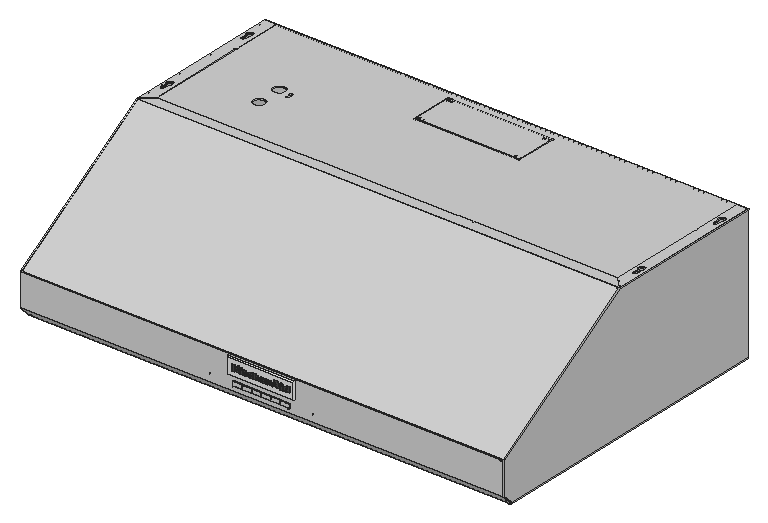
Revit family "P200880KC-062c_KVUC606KSS", category Specialty Equipment, Revit 2026 (continued)
Lines and regions (in)
  model lines
    curve 16: circle (-17.61364, -10.6235, 10) r 0.10345 normal (0, 0, -1)
    curve 17: circle (-17.6127, -3.74034, 10) r 0.03547 normal (0, 0, -1)
    curve 18: circle (-17.6127, -3.74034, 10) r 0.10345 normal (0, 0, -1)
    curve 19: circle (-17.6127, -4.53145, 10) r 0.03547 normal (0, 0, -1)
    curve 20: circle (-17.6127, -4.53145, 10) r 0.10345 normal (0, 0, -1)
    curve 21: circle (-8.89387, -11.60725, 10) r 0.03547 normal (0, 0, 1)
    curve 22: circle (-8.89192, -11.60725, 10) r 0.10345 normal (0, 0, 1)
    curve 23: circle (-16.77234, -11.60725, 10) r 0.03547 normal (0, 0, 1)
    curve 24: circle (-16.77039, -11.60725, 10) r 0.10345 normal (0, 0, 1)
    curve 25: circle (-6.41882, -11.53028, 10) r 0.03547 normal (0, 0, 1)
    curve 26: circle (-6.41687, -11.53028, 10) r 0.10345 normal (0, 0, 1)
    curve 27: circle (-5.23895, -11.53028, 10) r 0.03547 normal (0, 0, 1)
    curve 28: circle (-5.23699, -11.53028, 10) r 0.10345 normal (0, 0, 1)
    curve 29: circle (-11.88212, -4.1778, 9.96826) r 0.14549 normal (0, 0, -1)
    curve 30: circle (-11.88212, -4.1778, 9.96826) r 0.05821 normal (0, 0, -1)
    curve 31: circle (-11.88212, -4.1778, 9.96826) r 0.10691 normal (0, 0, -1)
    curve 32: circle (-10.43197, -5.50608, 9.96826) r 0.14549 normal (0, 0, -1)
    curve 33: circle (-10.43197, -5.50608, 9.96826) r 0.05821 normal (0, 0, -1)
    curve 34: circle (-10.43197, -5.50608, 9.96826) r 0.10691 normal (0, 0, -1)
    curve 35: circle (-10.43197, -8.66096, 9.96826) r 0.14549 normal (0, 0, -1)
    curve 36: circle (-10.43197, -8.66096, 9.96826) r 0.05821 normal (0, 0, -1)
    curve 37: circle (-10.43197, -8.66096, 9.96826) r 0.10691 normal (0, 0, -1)
    curve 38: circle (-11.88212, -9.97064, 9.96826) r 0.14549 normal (0, 0, -1)
    curve 39: circle (-11.88212, -9.97064, 9.96826) r 0.05821 normal (0, 0, -1)
    curve 40: circle (-11.88212, -9.97064, 9.96826) r 0.10691 normal (0, 0, -1)
    curve 41: circle (-11.91829, 0, 9.32296) r 0.05975 normal (0, -1, 0)
    curve 42: circle (-11.91829, 0, 9.32296) r 0.10854 normal (0, -1, 0)
    curve 43: circle (-11.91829, 0, 9.32296) r 0.14466 normal (0, -1, 0)
    curve 44: circle (-13.2389, 0, 7.86452) r 0.05975 normal (0, -1, 0)
    curve 45: circle (-13.2389, 0, 7.86452) r 0.10854 normal (0, -1, 0)
    curve 46: circle (-13.2389, 0, 7.86452) r 0.14466 normal (0, -1, 0)
    curve 47: circle (-11.91829, 0, 6.4104) r 0.05975 normal (0, -1, 0)
    curve 48: circle (-11.91829, 0, 6.4104) r 0.10854 normal (0, -1, 0)
    curve 49: circle (-11.91829, 0, 6.4104) r 0.14466 normal (0, -1, 0)
    curve 50: circle (-8.54942, 0, 9.32296) r 0.05975 normal (0, 1, 0)
    curve 51: circle (-8.54942, 0, 9.32296) r 0.10854 normal (0, 1, 0)
    curve 52: circle (-8.54942, 0, 9.32296) r 0.14466 normal (0, 1, 0)
    curve 53: circle (-7.2288, 0, 7.86452) r 0.05975 normal (0, 1, 0)
    curve 54: circle (-7.2288, 0, 7.86452) r 0.10854 normal (0, 1, 0)
    curve 55: circle (-7.2288, 0, 7.86452) r 0.14466 normal (0, 1, 0)
    curve 56: circle (-8.54942, 0, 6.4104) r 0.05975 normal (0, 1, 0)
    curve 57: circle (-8.54942, 0, 6.4104) r 0.10854 normal (0, 1, 0)
    curve 58: circle (-8.54942, 0, 6.4104) r 0.14466 normal (0, 1, 0)
    curve 59: line (10.48687, -14.15354, 0.00049) -> (12.73591, -14.15354, 0.00049)
    curve 94: circle (-13.93921, -5.50608, 9.96826) r 0.14549 normal (0, 0, 1)
    curve 95: circle (-13.93921, -5.50608, 9.96826) r 0.05821 normal (0, 0, 1)
    curve 96: circle (-13.93921, -5.50608, 9.96826) r 0.10691 normal (0, 0, 1)
    curve 97: circle (-13.93921, -8.66096, 9.96826) r 0.14549 normal (0, 0, 1)
    curve 98: circle (-13.93921, -8.66096, 9.96826) r 0.05821 normal (0, 0, 1)
    curve 99: circle (-13.93921, -8.66096, 9.96826) r 0.10691 normal (0, 0, 1)
    curve 100: circle (8.89387, -11.60725, 10) r 0.03547 normal (0, 0, -1)
    curve 101: circle (8.89192, -11.60725, 10) r 0.10345 normal (0, 0, -1)
    curve 102: circle (16.77234, -11.60725, 10) r 0.03547 normal (0, 0, -1)
    curve 103: circle (16.77039, -11.60725, 10) r 0.10345 normal (0, 0, -1)
    curve 104: circle (6.41882, -11.53028, 10) r 0.03547 normal (0, 0, -1)
    curve 105: circle (6.41687, -11.53028, 10) r 0.10345 normal (0, 0, -1)
    curve 106: circle (5.23895, -11.53028, 10) r 0.03547 normal (0, 0, -1)
    curve 107: circle (5.23699, -11.53028, 10) r 0.10345 normal (0, 0, -1)
  symbolic lines, style "SpecialityEquipment"
    curve 60: line (-18, 0, 29.6507) -> (18, 0, 29.6507)
    curve 61: line (-18, -12, 29.6507) -> (-18, 0, 29.6507)
    curve 62: line (18, -12, 29.6507) -> (-18, -12, 29.6507)
    curve 63: line (18, 0, 29.6507) -> (18, -12, 29.6507)
    curve 64: line (18, -12, 29.6507) -> (18, -22.875, 29.6507)
    curve 65: line (18, -22.875, 29.6507) -> (-18, -22.875, 29.6507)
    curve 66: line (-18, -22.875, 29.6507) -> (-18, -12, 29.6507)
    curve 67: line (2.5, -22.875, 29.6507) -> (2.44141, -23, 29.6507)
    curve 68: line (2.44141, -23, 29.6507) -> (-2.44141, -23, 29.6507)
    curve 69: line (-2.44141, -23, 29.6507) -> (-2.5, -22.875, 29.6507)
  model lines, style "Display Button"
    curve 70: line (-2.07089, -22.91031, 1.40877) -> (-1.47519, -22.91031, 1.40877)
    curve 71: line (-2.07089, -22.91031, 1.36722) -> (-2.07089, -22.91031, 1.40877)
    curve 72: line (-1.47519, -22.91031, 1.36722) -> (-2.07089, -22.91031, 1.36722)
    curve 73: line (-1.47519, -22.91031, 1.40877) -> (-1.47519, -22.91031, 1.36722)
    curve 74: line (-1.36192, -22.91031, 1.40877) -> (-0.76623, -22.91031, 1.40877)
    curve 75: line (-1.36192, -22.91031, 1.36722) -> (-1.36192, -22.91031, 1.40877)
    curve 76: line (-0.76623, -22.91031, 1.36722) -> (-1.36192, -22.91031, 1.36722)
    curve 77: line (-0.76623, -22.91031, 1.40877) -> (-0.76623, -22.91031, 1.36722)
    curve 78: line (-0.65326, -22.91031, 1.40877) -> (-0.05757, -22.91031, 1.40877)
    curve 79: line (-0.65326, -22.91031, 1.36722) -> (-0.65326, -22.91031, 1.40877)
    curve 80: line (-0.05757, -22.91031, 1.36722) -> (-0.65326, -22.91031, 1.36722)
    curve 81: line (-0.05757, -22.91031, 1.40877) -> (-0.05757, -22.91031, 1.36722)
    curve 82: line (0.0554, -22.91031, 1.40877) -> (0.65109, -22.91031, 1.40877)
    curve 83: line (0.0554, -22.91031, 1.36722) -> (0.0554, -22.91031, 1.40877)
    curve 84: line (0.65109, -22.91031, 1.36722) -> (0.0554, -22.91031, 1.36722)
    curve 85: line (0.65109, -22.91031, 1.40877) -> (0.65109, -22.91031, 1.36722)
    curve 86: line (0.76406, -22.91031, 1.40877) -> (1.35975, -22.91031, 1.40877)
    curve 87: line (0.76406, -22.91031, 1.36722) -> (0.76406, -22.91031, 1.40877)
    curve 88: line (1.35975, -22.91031, 1.36722) -> (0.76406, -22.91031, 1.36722)
    curve 89: line (1.35975, -22.91031, 1.40877) -> (1.35975, -22.91031, 1.36722)
    curve 90: line (1.47543, -22.91031, 1.40877) -> (2.07113, -22.91031, 1.40877)
    curve 91: line (1.47543, -22.91031, 1.36722) -> (1.47543, -22.91031, 1.40877)
    curve 92: line (2.07113, -22.91031, 1.36722) -> (1.47543, -22.91031, 1.36722)
    curve 93: line (2.07113, -22.91031, 1.40877) -> (2.07113, -22.91031, 1.36722)
Dimensions and locks (in)
  "Height": plane 5 to level
  "Depth": plane 4 to plane 1 "Center (Front/Back)"
  equal spacing: plane 6, plane 3 "Center (Left/Right)", plane 7
  "Width": plane 6 to plane 7
  aligned and locked: plane 2 to level
Automatic sketch dimensions
  curve 65 to plane 7 = 0"
  curve 66 to plane 6 = 0"
  plane 1 "Center (Front/Back)" to curve 60 = 0"
  curve 67 to plane 4 = 0"
  plane 3 "Center (Left/Right)" to curve 67 = 2 113/256"
  curve 69 to plane 3 "Center (Left/Right)" = 2 113/256"
  curve 62 to plane 4 = 11"
  curve 65 to plane 4 = 1/8"
  curve 67 to curve 67 = 15/256"
  curve 68 to curve 69 = 15/256"
  Extrusion 1 sketch curve to plane 5 = 0"
  Extrusion 1 sketch curve to plane 4 = 3/16"
  Extrusion 1 sketch curve to plane 5 = 0.01767"
  Extrusion 1 sketch curve to plane 4 = 10.94227"
  Extrusion 1 sketch curve to Extrusion 1 sketch curve = 0.05773"
  Extrusion 1 sketch curve to Extrusion 1 sketch curve = 0.00473"
  Extrusion 1 sketch curve to Extrusion 1 sketch curve = 0.05548"
  level to Extrusion 1 sketch curve = 3.25025"
  Extrusion 1 sketch curve to Extrusion 1 sketch curve = 0.0735"
  level to Extrusion 2 sketch curve = 0.06299"
  Extrusion 2 sketch curve to plane 5 = 3.83071"
  Extrusion 2 sketch curve to Extrusion 2 sketch curve = 0"  (x8)
  Extrusion 2 sketch curve to Extrusion 2 sketch curve = 0.07874"  (x9)
  Extrusion 2 sketch curve to Extrusion 2 sketch curve = 0.11811"  (x4)
  Extrusion 2 sketch curve to plane 5 = 2.34448"
  Extrusion 2 sketch curve to Extrusion 2 sketch curve = 0.69488"
  Extrusion 2 sketch curve to plane 5 = 1.2126"  (x4)
  Extrusion 2 sketch curve to Extrusion 2 sketch curve = 0.19857"  (x8)
  Extrusion 2 sketch curve to plane 5 = 0.91732"  (x2)
  Extrusion 2 sketch curve to Extrusion 2 sketch curve = 0.39199"  (x4)
  Extrusion 2 sketch curve to plane 5 = 0.06299"
  Extrusion 2 sketch curve to plane 7 = 1/16"
  Extrusion 2 sketch curve to plane 7 = 1.08465"
  Extrusion 2 sketch curve to Extrusion 2 sketch curve = 0.12795"  (x4)
  plane 3 "Center (Left/Right)" to Extrusion 2 sketch curve = 7.10954"
  Extrusion 2 sketch curve to Extrusion 2 sketch curve = 2.89694"  (x2)
  Extrusion 2 sketch curve to Extrusion 2 sketch curve = 0.03937"  (x4)
  Extrusion 2 sketch curve to Extrusion 2 sketch curve = 0.3937"  (x4)
  Extrusion 2 sketch curve to plane 3 "Center (Left/Right)" = 3.44488"
  Extrusion 2 sketch curve to Extrusion 2 sketch curve = 1.96565"
  Extrusion 2 sketch curve to Extrusion 2 sketch curve = 0.33088"
  Extrusion 2 sketch curve to Extrusion 2 sketch curve = 0.27559"
  Extrusion 2 sketch curve to Extrusion 2 sketch curve = 1.29435"
  plane 6 to Extrusion 2 sketch curve = 1.26181"
  plane 6 to Extrusion 2 sketch curve = 1/16"
  Extrusion 3 sketch curve to plane 4 = 1/8"
  Extrusion 3 sketch curve to Extrusion 3 sketch curve = 0.02406"
  Extrusion 3 sketch curve to Extrusion 3 sketch curve = 13/256"
  Extrusion 3 sketch curve to Extrusion 3 sketch curve = 0.03844"
  level to Extrusion 3 sketch curve = 0.00541"
  Extrusion 3 sketch curve to plane 4 = 0.88762"
  Extrusion 3 sketch curve to Extrusion 3 sketch curve = 0.01276"
  Extrusion 3 sketch curve to Extrusion 3 sketch curve = 0.01804"
  Extrusion 3 sketch curve to Extrusion 3 sketch curve = 0.04483"
  level to Extrusion 3 sketch curve = 0.76803"
  Extrusion 3 sketch curve to Extrusion 3 sketch curve = 0.02589"
  Extrusion 3 sketch curve to Extrusion 3 sketch curve = 2.38937"
  Extrusion 3 sketch curve to Extrusion 3 sketch curve = 0.02378"
  Extrusion 4 sketch curve to plane 4 = 1.83777"
  Extrusion 4 sketch curve to plane 4 = 5.58664"  (x2)
  Extrusion 4 sketch curve to plane 7 = 1 3/8"
  Extrusion 4 sketch curve to Extrusion 4 sketch curve = 7.00868"
  plane 3 "Center (Left/Right)" to Extrusion 4 sketch curve = 8.61417"
  Extrusion 4 sketch curve to plane 3 "Center (Left/Right)" = 8.61417"
  plane 6 to Extrusion 4 sketch curve = 1 5/16"
  Extrusion 5 sketch curve to plane 3 "Center (Left/Right)" = 0"
  Extrusion 5 sketch curve to plane 4 = 8.84646"
  Extrusion 5 sketch curve to plane 3 "Center (Left/Right)" = 23/32"
  Extrusion 5 sketch curve to Extrusion 5 sketch curve = 23/32"  (x2)
  plane 6 to Extrusion 5 sketch curve = 2 1/32"
  Extrusion 6 sketch curve to plane 3 "Center (Left/Right)" = 0"
  plane 3 "Center (Left/Right)" to Extrusion 6 sketch curve = 23/32"
  plane 1 "Center (Front/Back)" to Extrusion 6 sketch curve = 1 15/32"
  Extrusion 6 sketch curve to Extrusion 6 sketch curve = 23/32"  (x2)
  Extrusion 6 sketch curve to plane 4 = 9.56521"
  Extrusion 7 sketch curve to plane 3 "Center (Left/Right)" = 0"
  Extrusion 7 sketch curve to plane 3 "Center (Left/Right)" = 23/32"
  plane 1 "Center (Front/Back)" to Extrusion 7 sketch curve = 1 15/32"
  Extrusion 7 sketch curve to Extrusion 7 sketch curve = 23/32"  (x2)
  Extrusion 7 sketch curve to plane 4 = 9.56521"
  Extrusion 8 sketch curve to plane 3 "Center (Left/Right)" = 0"
  plane 3 "Center (Left/Right)" to Extrusion 8 sketch curve = 23/32"
  Extrusion 8 sketch curve to plane 4 = 9.56521"
  Extrusion 8 sketch curve to Extrusion 8 sketch curve = 23/32"  (x2)
  Extrusion 8 sketch curve to plane 7 = 2 3/32"
  Extrusion 9 sketch curve to plane 3 "Center (Left/Right)" = 0"
  plane 1 "Center (Front/Back)" to Extrusion 9 sketch curve = 1 15/32"
  plane 3 "Center (Left/Right)" to Extrusion 9 sketch curve = 23/32"
  Extrusion 9 sketch curve to Extrusion 9 sketch curve = 23/32"  (x2)
  Extrusion 9 sketch curve to plane 7 = 2 3/32"
  Extrusion 10 sketch curve to plane 3 "Center (Left/Right)" = 0"
  Extrusion 10 sketch curve to plane 3 "Center (Left/Right)" = 23/32"
  plane 1 "Center (Front/Back)" to Extrusion 10 sketch curve = 2 3/16"
  Extrusion 10 sketch curve to Extrusion 10 sketch curve = 23/32"  (x2)
  plane 6 to Extrusion 10 sketch curve = 2 1/32"
  plane 1 "Center (Front/Back)" to Extrusion 11 sketch curve = 0"
  Extrusion 11 sketch curve to Extrusion 11 sketch curve = 1 15/32"
  Extrusion 11 sketch curve to plane 7 = 1 3/8"
  plane 6 to Extrusion 11 sketch curve = 1 5/16"
  plane 1 "Center (Front/Back)" to Extrusion 12 sketch curve = 0"
  Extrusion 12 sketch curve to plane 6 = 0"
  Extrusion 12 sketch curve to plane 7 = 0"
  plane 1 "Center (Front/Back)" to Extrusion 12 sketch curve = 0.61024"  (x2)
  Extrusion 12 sketch curve to Extrusion 12 sketch curve = 0"  (x12)
  Extrusion 12 sketch curve to Extrusion 12 sketch curve = 0.07874"  (x12)
  Extrusion 12 sketch curve to Extrusion 12 sketch curve = 0.11811"  (x4)
  plane 6 to Extrusion 12 sketch curve = 0.3873"  (x2)
  plane 1 "Center (Front/Back)" to Extrusion 12 sketch curve = 1.9685"  (x2)
  Extrusion 12 sketch curve to plane 7 = 0.3873"  (x2)
  Extrusion 12 sketch curve to Extrusion 12 sketch curve = 0.17048"  (x4)
  Extrusion 12 sketch curve to Extrusion 12 sketch curve = 0.42008"  (x4)
  Extrusion 12 sketch curve to Extrusion 12 sketch curve = 2.59843"  (x2)
  plane 1 "Center (Front/Back)" to Extrusion 12 sketch curve = 5.98745"
  Extrusion 12 sketch curve to Extrusion 12 sketch curve = 0.06767"
  Extrusion 12 sketch curve to Extrusion 12 sketch curve = 0.27559"
  Extrusion 12 sketch curve to Extrusion 12 sketch curve = 1.5415"
  Extrusion 12 sketch curve to Extrusion 12 sketch curve = 1.57661"
  Extrusion 12 sketch curve to Extrusion 12 sketch curve = 6.88976"
  Extrusion 12 sketch curve to Extrusion 12 sketch curve = 1.96062"
  Extrusion 12 sketch curve to Extrusion 12 sketch curve = 0.09843"  (x4)
  plane 6 to Extrusion 12 sketch curve = 5.81441"
  Extrusion 12 sketch curve to Extrusion 12 sketch curve = 0.78378"
  Extrusion 12 sketch curve to plane 3 "Center (Left/Right)" = 3.95669"
  Extrusion 12 sketch curve to Extrusion 12 sketch curve = 0.3937"  (x4)
  plane 3 "Center (Left/Right)" to Extrusion 12 sketch curve = 3.40551"
  plane 1 "Center (Front/Back)" to Extrusion 13 sketch curve = 0"
  Extrusion 13 sketch curve to plane 7 = 0"
  Extrusion 13 sketch curve to Extrusion 13 sketch curve = 1 3/8"
  Extrusion 13 sketch curve to plane 4 = 1.83777"
  Extrusion 13 sketch curve to plane 4 = 1.25412"
  Extrusion 14 sketch curve to plane 7 = 1 3/8"
  Extrusion 14 sketch curve to Extrusion 14 sketch curve = 23/32"  (x3)
  plane 1 "Center (Front/Back)" to Extrusion 14 sketch curve = 1 15/32"
  Extrusion 14 sketch curve to plane 4 = 9.56521"
  Extrusion 15 sketch curve to plane 7 = 0"
  Extrusion 15 sketch curve to plane 7 = 0.24951"  (x2)
  Extrusion 15 sketch curve to Extrusion 15 sketch curve = 0.1378"  (x4)
  Extrusion 15 sketch curve to plane 7 = 0.69439"
  plane 1 "Center (Front/Back)" to Extrusion 15 sketch curve = 0.09601"
  Extrusion 15 sketch curve to plane 7 = 0.76679"
  Extrusion 15 sketch curve to Extrusion 15 sketch curve = 0.11811"  (x3)
  Extrusion 15 sketch curve to Extrusion 15 sketch curve = 1.86029"
  Extrusion 15 sketch curve to Extrusion 15 sketch curve = 0.19187"  (x2)
  Extrusion 15 sketch curve to Extrusion 15 sketch curve = 0.39869"  (x2)
  Extrusion 15 sketch curve to Extrusion 15 sketch curve = 1.17775"
  Extrusion 15 sketch curve to Extrusion 15 sketch curve = 5.4758"
  Extrusion 15 sketch curve to Extrusion 15 sketch curve = 1.16033"
  Extrusion 15 sketch curve to Extrusion 15 sketch curve = 13/16"
  Extrusion 16 sketch curve to plane 1 "Center (Front/Back)" = 0"
  Extrusion 16 sketch curve to plane 5 = 0.06299"
  Extrusion 16 sketch curve to plane 4 = 11.0002"
  level to Extrusion 16 sketch curve = 0.06299"
  Extrusion 16 sketch curve to plane 4 = 0.91843"
  Extrusion 16 sketch curve to plane 4 = 3/16"
  level to Extrusion 16 sketch curve = 0.79392"
  Extrusion 16 sketch curve to Extrusion 16 sketch curve = 2.38284"
  Extrusion 17 sketch curve to Extrusion 16 = 0"
  Extrusion 16 to Extrusion 17 sketch curve = 0"
  Extrusion 16 to Extrusion 17 sketch curve = 1 1/4"
  Extrusion 16 to Extrusion 17 sketch curve = 0.91935"
  Extrusion 16 to Extrusion 17 sketch curve = 0.36222"
  plane 6 to Extrusion 18 sketch curve = 2 1/32"
  Extrusion 18 sketch curve to Extrusion 18 sketch curve = 23/32"  (x3)
  plane 1 "Center (Front/Back)" to Extrusion 18 sketch curve = 1 15/32"
  Extrusion 18 sketch curve to plane 4 = 9.56521"
  Extrusion 19 sketch curve to plane 7 = 0"
  Extrusion 19 sketch curve to plane 6 = 0"
  Extrusion 19 sketch curve to plane 7 = 13/16"
  plane 3 "Center (Left/Right)" to Extrusion 19 sketch curve = 6.58064"
  Extrusion 19 sketch curve to Extrusion 19 sketch curve = 0.11811"  (x8)
  Extrusion 19 sketch curve to Extrusion 19 sketch curve = 0.94488"  (x2)
  Extrusion 19 sketch curve to plane 3 "Center (Left/Right)" = 5.0729"
  plane 6 to Extrusion 19 sketch curve = 13/16"
  plane 1 "Center (Front/Back)" to Extrusion 19 sketch curve = 11 3/16"  (x2)
  Extrusion 19 sketch curve to Extrusion 19 sketch curve = 0"  (x3)
  Extrusion 19 sketch curve to Extrusion 19 sketch curve = 13/16"
  Extrusion 20 sketch curve to plane 1 "Center (Front/Back)" = 0"
  Extrusion 20 sketch curve to plane 5 = 0.06299"
  Extrusion 20 sketch curve to plane 4 = 11.0002"
  level to Extrusion 20 sketch curve = 0.06299"
  Extrusion 20 sketch curve to plane 4 = 0.91843"
  Extrusion 20 sketch curve to plane 4 = 3/16"
  level to Extrusion 20 sketch curve = 0.79392"
  Extrusion 20 sketch curve to Extrusion 20 sketch curve = 2.38284"
  curve 1 to curve 2 = 0"  (x2)
  curve 3 to curve 4 = 0"  (x2)
  curve 5 to curve 6 = 0"  (x2)
  curve 7 to curve 8 = 0"  (x2)
  curve 9 to curve 10 = 0"  (x2)
  Extrusion 15 to curve 5 = 0.13685"
  Extrusion 15 to curve 9 = 0.1378"
  Extrusion 15 to curve 2 = 0.1378"
  Extrusion 15 to curve 7 = 0.1378"
  Extrusion 15 to curve 3 = 0.13748"
  Extrusion 15 to curve 102 = 0.41516"
  curve 102 to curve 103 = 0.00195"
  curve 103 to curve 100 = 7.87652"
  curve 100 to curve 101 = 0.00195"
  curve 101 to curve 104 = 2.47309"
  curve 104 to curve 105 = 0.00195"
  curve 105 to curve 106 = 1.17792"
  curve 106 to curve 107 = 0.00195"
  curve 107 to curve 28 = 10.47398"
  curve 28 to curve 27 = 0.00195"
  curve 27 to curve 26 = 1.17792"
  curve 26 to curve 25 = 0.00195"
  curve 25 to curve 22 = 2.47309"
  curve 22 to curve 21 = 0.00195"
  curve 21 to curve 24 = 7.87652"
  curve 24 to curve 23 = 0.00195"
  curve 2 to Extrusion 15 = 0.336"
  curve 2 to curve 8 = 3.35404"
  curve 7 to curve 9 = 0.79111"
  curve 10 to curve 4 = 2.1538"
  curve 4 to curve 6 = 3.93826"
  curve 106 to Extrusion 15 = 11.47998"
  curve 106 to curve 105 = 0"
  curve 105 to curve 104 = 0"
  curve 107 to curve 106 = 0"
  curve 25 to Extrusion 15 = 11.47998"
  curve 25 to curve 26 = 0"
  curve 26 to curve 27 = 0"
  curve 27 to curve 28 = 0"
  curve 104 to curve 101 = 0.07698"
  curve 6 to curve 102 = 0.98375"
  curve 103 to curve 102 = 0"
  curve 25 to curve 23 = 0.07698"
  curve 25 to curve 22 = 0.07698"
  curve 21 to curve 22 = 0"
  curve 23 to curve 24 = 0"
  curve 101 to curve 100 = 0"
  Extrusion 21 sketch curve to plane 6 = 0"
  plane 6 to Extrusion 21 sketch curve = 0.24951"  (x2)
  Extrusion 21 sketch curve to Extrusion 21 sketch curve = 0.1378"  (x4)
  plane 6 to Extrusion 21 sketch curve = 0.69439"
  plane 1 "Center (Front/Back)" to Extrusion 21 sketch curve = 0.09601"
  plane 6 to Extrusion 21 sketch curve = 0.76679"
  Extrusion 21 sketch curve to Extrusion 21 sketch curve = 0.11811"  (x3)
  Extrusion 21 sketch curve to Extrusion 21 sketch curve = 1.86029"
  Extrusion 21 sketch curve to Extrusion 21 sketch curve = 0.19187"  (x2)
  Extrusion 21 sketch curve to Extrusion 21 sketch curve = 0.39869"  (x2)
  Extrusion 21 sketch curve to Extrusion 21 sketch curve = 1.17775"
  Extrusion 21 sketch curve to Extrusion 21 sketch curve = 5.4758"
  Extrusion 21 sketch curve to Extrusion 21 sketch curve = 1.16033"
  Extrusion 21 sketch curve to Extrusion 21 sketch curve = 13/16"
  curve 11 to curve 12 = 0"  (x2)
  curve 13 to curve 14 = 0"  (x2)
  curve 15 to curve 16 = 0"  (x2)
  curve 17 to curve 18 = 0"  (x2)
  curve 19 to curve 20 = 0"  (x2)
  Extrusion 21 to curve 15 = 0.13685"
  Extrusion 21 to curve 18 = 0.1378"
  Extrusion 21 to curve 19 = 0.1378"
  Extrusion 21 to curve 12 = 0.1378"
  Extrusion 21 to curve 13 = 0.13748"
  curve 15 to Extrusion 21 = 10.5732"
  curve 16 to curve 14 = 3.93826"
  curve 14 to curve 19 = 2.1538"
  curve 19 to curve 18 = 0.79111"
  curve 11 to Extrusion 21 = 0.336"
  curve 29 to curve 30 = 0"  (x2)
  curve 29 to curve 31 = 0"  (x2)
  curve 30 to curve 31 = 0"  (x2)
  curve 32 to curve 33 = 0"  (x2)
  curve 32 to curve 34 = 0"  (x2)
  curve 33 to curve 34 = 0"  (x2)
  curve 35 to curve 36 = 0"  (x2)
  curve 35 to curve 37 = 0"  (x2)
  curve 36 to curve 37 = 0"  (x2)
  curve 38 to curve 39 = 0"  (x2)
  curve 38 to curve 40 = 0"  (x2)
  curve 39 to curve 40 = 0"  (x2)
  curve 94 to curve 95 = 0"  (x2)
  curve 94 to curve 96 = 0"  (x2)
  curve 95 to curve 96 = 0"  (x2)
  curve 97 to curve 98 = 0"  (x2)
  curve 97 to curve 99 = 0"  (x2)
  curve 98 to curve 99 = 0"  (x2)
  curve 30 to Extrusion 12 = 107/256"
  curve 32 to Extrusion 12 = 0.73362"
  curve 32 to Extrusion 12 = 1.74623"
  curve 95 to Extrusion 12 = 1.74623"
  curve 94 to curve 98 = 3.15488"
  curve 37 to Extrusion 12 = 0.73362"
  curve 32 to curve 37 = 3.15488"
  curve 39 to Extrusion 12 = 0.48031"
  curve 35 to curve 39 = 1.30968"
  curve 30 to Extrusion 12 = 0.48031"
  curve 99 to curve 38 = 2.05709"
  curve 96 to curve 29 = 2.05709"
  curve 41 to curve 42 = 0"  (x2)
  curve 41 to curve 43 = 0"  (x2)
  curve 42 to curve 43 = 0"  (x2)
  curve 44 to curve 45 = 0"  (x2)
  curve 44 to curve 46 = 0"  (x2)
  curve 45 to curve 46 = 0"  (x2)
  curve 47 to curve 48 = 0"  (x2)
  curve 47 to curve 49 = 0"  (x2)
  curve 48 to curve 49 = 0"  (x2)
  curve 50 to curve 51 = 0"  (x2)
  curve 50 to curve 52 = 0"  (x2)
  curve 51 to curve 52 = 0"  (x2)
  curve 53 to curve 54 = 0"  (x2)
  curve 53 to curve 55 = 0"  (x2)
  curve 54 to curve 55 = 0"  (x2)
  curve 56 to curve 57 = 0"  (x2)
  curve 56 to curve 58 = 0"  (x2)
  curve 57 to curve 58 = 0"  (x2)
  curve 58 to Extrusion 2 = 0.03448"
  curve 49 to Extrusion 2 = 0.03448"
  Extrusion 2 to curve 45 = 0.48588"
  Extrusion 2 to curve 55 = 0.11927"
  Extrusion 2 to curve 55 = 0.48588"
  curve 50 to Extrusion 2 = 0.03531"
  curve 43 to Extrusion 2 = 0.03531"
  Extrusion 2 to curve 56 = 1.43988"
  Extrusion 2 to curve 50 = 1.43988"
  curve 56 to curve 49 = 3.36887"
  curve 42 to curve 47 = 0"
  curve 47 to curve 46 = 1.32061"
  Extrusion 22 sketch curve to plane 3 "Center (Left/Right)" = 1.08661"
  Extrusion 22 sketch curve to Extrusion 22 sketch curve = 0.0362"  (x8)
  Extrusion 22 sketch curve to Extrusion 22 sketch curve = 0.00948"  (x8)
  level to Extrusion 22 sketch curve = 0.82896"  (x7)
  Extrusion 22 sketch curve to Extrusion 22 sketch curve = 0.02565"  (x9)
  Extrusion 22 sketch curve to Extrusion 22 sketch curve = 0.18806"  (x8)
  Extrusion 22 sketch curve to Extrusion 22 sketch curve = 0.02017"  (x16)
  level to Extrusion 22 sketch curve = 0.36184"  (x4)
  Extrusion 22 sketch curve to Extrusion 22 sketch curve = 0.98751"  (x8)
  level to Extrusion 22 sketch curve = 0.37775"  (x12)
  Extrusion 22 sketch curve to Extrusion 22 sketch curve = 0.0046"  (x13)
  level to Extrusion 22 sketch curve = 0.34633"  (x12)
  Extrusion 22 sketch curve to Extrusion 22 sketch curve = 0.02487"  (x13)
  Extrusion 22 sketch curve to Extrusion 22 sketch curve = 0.1731"  (x8)
  level to Extrusion 22 sketch curve = 0.84723"  (x11)
  level to Extrusion 22 sketch curve = 0.77963"  (x11)
  level to Extrusion 22 sketch curve = 0.7831"  (x11)
  Extrusion 22 sketch curve to Extrusion 22 sketch curve = 0.37402"  (x7)
  level to Extrusion 22 sketch curve = 0.38906"  (x2)
  level to Extrusion 22 sketch curve = 0.78045"  (x2)
  level to Extrusion 22 sketch curve = 0.77699"  (x2)
  level to Extrusion 22 sketch curve = 0.84459"  (x2)
  level to Extrusion 22 sketch curve = 0.38642"
  level to Extrusion 22 sketch curve = 0.37511"  (x2)
  level to Extrusion 22 sketch curve = 0.34369"  (x2)
  level to Extrusion 22 sketch curve = 0.82631"
  level to Extrusion 22 sketch curve = 0.78531"  (x2)
  level to Extrusion 22 sketch curve = 0.78185"  (x2)
  level to Extrusion 22 sketch curve = 0.84944"  (x2)
  level to Extrusion 22 sketch curve = 0.36405"
  level to Extrusion 22 sketch curve = 0.37997"  (x2)
  level to Extrusion 22 sketch curve = 0.34854"  (x2)
  level to Extrusion 22 sketch curve = 0.83117"
  Extrusion 22 sketch curve to Extrusion 22 sketch curve = 0.01599"  (x8)
  Extrusion 22 sketch curve to Extrusion 22 sketch curve = 0.00415"  (x8)
  Extrusion 22 sketch curve to Extrusion 22 sketch curve = 0.02722"  (x8)
  Extrusion 22 sketch curve to Extrusion 22 sketch curve = 0.04932"
  Extrusion 22 sketch curve to Extrusion 22 sketch curve = 0"  (x22)
  Extrusion 4 to Extrusion 23 sketch curve = 0"  (x2)
  Extrusion 23 sketch curve to Extrusion 4 = 0.2126"
  Extrusion 23 sketch curve to Extrusion 23 sketch curve = 0.77165"
  Extrusion 24 sketch curve to plane 3 "Center (Left/Right)" = 0.16214"
  Extrusion 24 sketch curve to Extrusion 24 sketch curve = 0.0362"  (x9)
  Extrusion 24 sketch curve to Extrusion 24 sketch curve = 0.00948"  (x9)
  Extrusion 24 sketch curve to Extrusion 24 sketch curve = 0.02565"  (x10)
  Extrusion 24 sketch curve to plane 3 "Center (Left/Right)" = 0.36153"
  Extrusion 24 sketch curve to Extrusion 24 sketch curve = 0.02028"
  Extrusion 24 sketch curve to Extrusion 24 sketch curve = 0.02487"  (x15)
  Extrusion 24 sketch curve to Extrusion 24 sketch curve = 0.02017"  (x18)
  Extrusion 24 sketch curve to Extrusion 24 sketch curve = 0.98751"  (x9)
  Extrusion 24 sketch curve to Extrusion 24 sketch curve = 0.1731"  (x9)
  level to Extrusion 24 sketch curve = 0.72978"  (x18)
  level to Extrusion 24 sketch curve = 0.79738"  (x17)
  Extrusion 24 sketch curve to Extrusion 24 sketch curve = 0.03513"  (x2)
  level to Extrusion 24 sketch curve = 0.79392"  (x17)
  Extrusion 24 sketch curve to Extrusion 24 sketch curve = 0.3733"
  Extrusion 24 sketch curve to Extrusion 24 sketch curve = 0.18806"  (x8)
  level to Extrusion 24 sketch curve = 1.19926"  (x17)
  Extrusion 24 sketch curve to Extrusion 24 sketch curve = 0.0046"  (x12)
  level to Extrusion 24 sketch curve = 1.23068"  (x16)
  level to Extrusion 24 sketch curve = 0.74806"  (x7)
  Extrusion 24 sketch curve to Extrusion 24 sketch curve = 0.37402"  (x7)
  Extrusion 24 sketch curve to Extrusion 24 sketch curve = 0.01827"
  Extrusion 24 sketch curve to Extrusion 24 sketch curve = 0.39058"  (x7)
  Extrusion 24 sketch curve to Extrusion 24 sketch curve = 0.0113"  (x9)
  Extrusion 24 sketch curve to Extrusion 24 sketch curve = 0.02722"  (x3)
  Extrusion 24 sketch curve to Extrusion 24 sketch curve = 0.00415"  (x9)
  Extrusion 24 sketch curve to Extrusion 24 sketch curve = 0.02007"  (x9)
  Extrusion 24 sketch curve to Extrusion 24 sketch curve = 0.01136"  (x2)
  Extrusion 24 sketch curve to Extrusion 24 sketch curve = 0"  (x26)
  Extrusion 3 to Extrusion 25 sketch curve = 0.75963"
  Extrusion 25 sketch curve to Extrusion 25 sketch curve = 0.06299"  (x3)
  Extrusion 25 sketch curve to Extrusion 25 sketch curve = 0.30709"  (x2)
  Extrusion 25 sketch curve to Extrusion 3 = 15.83465"
  Extrusion 25 sketch curve to Extrusion 25 sketch curve = 4.20472"
  Extrusion 26 sketch curve to Extrusion 25 = 0.04772"
  Extrusion 26 sketch curve to Extrusion 26 sketch curve = 0.03154"  (x2)
  Extrusion 26 sketch curve to Extrusion 25 = 1/32"
  Extrusion 26 sketch curve to Extrusion 26 sketch curve = 0.03548"
  Extrusion 26 sketch curve to Extrusion 26 sketch curve = 0.00394"
  Extrusion 26 sketch curve to Extrusion 26 sketch curve = 0.01971"  (x3)
  Extrusion 26 sketch curve to Extrusion 26 sketch curve = 0.02486"
  Extrusion 26 sketch curve to Extrusion 25 = 0.10597"
  Extrusion 26 sketch curve to Extrusion 25 = 0.10462"
  Extrusion 26 sketch curve to Extrusion 26 sketch curve = 0.0174"
  Extrusion 26 sketch curve to Extrusion 26 sketch curve = 0.0049"  (x2)
  Extrusion 26 sketch curve to Extrusion 25 = 0.08642"
  Extrusion 27 sketch curve to Extrusion 25 = 0.07925"  (x5)
  Extrusion 27 sketch curve to Extrusion 27 sketch curve = 0"  (x4)
  Extrusion 27 sketch curve to Extrusion 27 sketch curve = 0.02365"
  Extrusion 27 sketch curve to Extrusion 27 sketch curve = 0.02486"
  Extrusion 27 sketch curve to Extrusion 25 = 0.10597"
  Extrusion 27 sketch curve to Extrusion 25 = 0.06276"
  Extrusion 27 sketch curve to Extrusion 25 = 0.10462"
  Extrusion 27 sketch curve to Extrusion 25 = 0.08232"  (x3)
  Extrusion 27 sketch curve to Extrusion 27 sketch curve = 0.63896"
  Extrusion 27 sketch curve to Extrusion 27 sketch curve = 0.04772"
  Extrusion 27 sketch curve to Extrusion 27 sketch curve = 0.66125"  (x4)
  Extrusion 27 sketch curve to Extrusion 27 sketch curve = 0.04741"  (x3)
  Extrusion 27 sketch curve to Extrusion 27 sketch curve = 0.04771"
  Extrusion 27 sketch curve to Extrusion 25 = 0.08763"
  level to curve 59 = 0.00049"
  curve 59 to plane 7 = 5.26409"
  curve 59 to curve 59 = 2.24903"
  level to Revolve 28 sketch curve = 0.94826"
  Revolve 28 sketch curve to plane 3 "Center (Left/Right)" = 7.6096"
  level to Revolve 28 sketch curve = 0.00049"
  Revolve 28 sketch curve to Revolve 28 sketch curve = 0.06632"
  Revolve 28 sketch curve to Revolve 28 sketch curve = 0.04535"
  Revolve 28 sketch curve to level = 0.03325"
  Revolve 28 sketch curve to Revolve 28 sketch curve = 0.30675"
  Revolve 28 sketch curve to Revolve 28 sketch curve = 0.03323"
  Revolve 28 sketch curve to level = 0.10066"
  level to Revolve 28 sketch curve = 0.06299"
  Revolve 28 sketch curve to Revolve 28 sketch curve = 1.07088"
  Revolve 28 sketch curve to Revolve 28 sketch curve = 0"
  Revolve 28 sketch curve to level = 0.79062"
  Revolve 29 sketch curve to level = 0.4769"
  Revolve 29 sketch curve to plane 3 "Center (Left/Right)" = 7.72114"
  Revolve 29 sketch curve to level = 0.1268"
  Revolve 29 sketch curve to Revolve 29 sketch curve = 0.89303"
  Revolve 29 sketch curve to Revolve 29 sketch curve = 0.31055"
  level to Revolve 29 sketch curve = 1.63137"
  Revolve 29 sketch curve to Revolve 29 sketch curve = 0.12801"
  level to Revolve 29 sketch curve = 0.94741"
  Revolve 29 sketch curve to Revolve 29 sketch curve = 0.02388"
  Revolve 29 sketch curve to Revolve 29 sketch curve = 0.21205"
  Revolve 29 sketch curve to Revolve 29 sketch curve = 0.68799"
  Revolve 29 sketch curve to level = 0.04885"
  Revolve 29 sketch curve to Revolve 29 sketch curve = 0.2282"
  level to Revolve 29 sketch curve = 0.04367"
  Revolve 29 sketch curve to Revolve 29 sketch curve = 0.01865"
  Revolve 29 sketch curve to Revolve 29 sketch curve = 0.05867"
  Revolve 29 sketch curve to Revolve 29 sketch curve = 0.07102"
  Revolve 29 sketch curve to Revolve 29 sketch curve = 0.09301"
  Revolve 29 sketch curve to Revolve 29 sketch curve = 0.00779"
  Revolve 29 sketch curve to Revolve 29 sketch curve = 0"
  Revolve 29 sketch curve to Revolve 29 sketch curve = 0.12402"
  Revolve 29 sketch curve to Revolve 29 sketch curve = 0.42794"
  level to Revolve 30 sketch curve = 0.94826"
  plane 3 "Center (Left/Right)" to Revolve 30 sketch curve = 7.6096"
  level to Revolve 30 sketch curve = 0.00049"
  Revolve 30 sketch curve to Revolve 30 sketch curve = 0.06632"
  Revolve 30 sketch curve to Revolve 30 sketch curve = 0.04535"
  Revolve 30 sketch curve to level = 0.03325"
  Revolve 30 sketch curve to Revolve 30 sketch curve = 0.30675"
  Revolve 30 sketch curve to Revolve 30 sketch curve = 0.03323"
  Revolve 30 sketch curve to level = 0.10066"
  level to Revolve 30 sketch curve = 0.06299"
  Revolve 30 sketch curve to Revolve 30 sketch curve = 1.07088"
  Revolve 30 sketch curve to Revolve 30 sketch curve = 0"
  Revolve 30 sketch curve to level = 0.79062"
  Revolve 31 sketch curve to level = 0.4769"
  plane 3 "Center (Left/Right)" to Revolve 31 sketch curve = 7.72114"
  Revolve 31 sketch curve to level = 0.1268"
  Revolve 31 sketch curve to Revolve 31 sketch curve = 0.89303"
  Revolve 31 sketch curve to Revolve 31 sketch curve = 0.31055"
  level to Revolve 31 sketch curve = 1.63137"
  Revolve 31 sketch curve to Revolve 31 sketch curve = 0.12801"
  level to Revolve 31 sketch curve = 0.94741"
  Revolve 31 sketch curve to Revolve 31 sketch curve = 0.02388"
  Revolve 31 sketch curve to Revolve 31 sketch curve = 0.21205"
  Revolve 31 sketch curve to Revolve 31 sketch curve = 0.68799"
  Revolve 31 sketch curve to level = 0.04885"
  Revolve 31 sketch curve to Revolve 31 sketch curve = 0.2282"
  level to Revolve 31 sketch curve = 0.04367"
  Revolve 31 sketch curve to Revolve 31 sketch curve = 0.01865"
  Revolve 31 sketch curve to Revolve 31 sketch curve = 0.28686"
  Revolve 31 sketch curve to Revolve 31 sketch curve = 0.07102"
  Revolve 31 sketch curve to Revolve 31 sketch curve = 0.00779"
  Revolve 31 sketch curve to Revolve 31 sketch curve = 0.09301"
  Revolve 31 sketch curve to Revolve 31 sketch curve = 0"
  Revolve 31 sketch curve to Revolve 31 sketch curve = 0.42794"
  Revolve 31 sketch curve to Revolve 31 sketch curve = 0.12402"
  Extrusion 32 sketch curve to Extrusion 20 = 0"  (x2)
  Extrusion 20 to Extrusion 32 sketch curve = 1 5/16"
  Extrusion 20 to Extrusion 32 sketch curve = 0.91935"
  Extrusion 32 sketch curve to Extrusion 32 sketch curve = 33 5/16"
  Extrusion 32 sketch curve to Extrusion 32 sketch curve = 1 5/16"
  Extrusion 20 to Extrusion 32 sketch curve = 0.33569"
  Extrusion 20 to Extrusion 32 sketch curve = 0.36222"
  plane 3 "Center (Left/Right)" to Extrusion 33 sketch curve = 1.08661"
  Extrusion 33 sketch curve to Extrusion 33 sketch curve = 0.0362"  (x8)
  Extrusion 33 sketch curve to Extrusion 33 sketch curve = 0.00948"  (x8)
  level to Extrusion 33 sketch curve = 0.82896"  (x7)
  Extrusion 33 sketch curve to Extrusion 33 sketch curve = 0.02565"  (x9)
  Extrusion 33 sketch curve to Extrusion 33 sketch curve = 0.18806"  (x8)
  Extrusion 33 sketch curve to Extrusion 33 sketch curve = 0.02017"  (x16)
  level to Extrusion 33 sketch curve = 0.36184"  (x4)
  Extrusion 33 sketch curve to Extrusion 33 sketch curve = 0.98751"  (x8)
  level to Extrusion 33 sketch curve = 0.37775"  (x12)
  Extrusion 33 sketch curve to Extrusion 33 sketch curve = 0.0046"  (x13)
  level to Extrusion 33 sketch curve = 0.34633"  (x12)
  Extrusion 33 sketch curve to Extrusion 33 sketch curve = 0.02487"  (x13)
  Extrusion 33 sketch curve to Extrusion 33 sketch curve = 0.1731"  (x8)
  level to Extrusion 33 sketch curve = 0.84723"  (x11)
  level to Extrusion 33 sketch curve = 0.77963"  (x11)
  level to Extrusion 33 sketch curve = 0.7831"  (x11)
  Extrusion 33 sketch curve to Extrusion 33 sketch curve = 0.37402"  (x7)
  level to Extrusion 33 sketch curve = 0.38906"  (x2)
  level to Extrusion 33 sketch curve = 0.78045"  (x2)
  level to Extrusion 33 sketch curve = 0.77699"  (x2)
  level to Extrusion 33 sketch curve = 0.84459"  (x2)
  level to Extrusion 33 sketch curve = 0.38642"
  level to Extrusion 33 sketch curve = 0.37511"  (x2)
  level to Extrusion 33 sketch curve = 0.34369"  (x2)
  level to Extrusion 33 sketch curve = 0.82631"
  level to Extrusion 33 sketch curve = 0.78531"  (x2)
  level to Extrusion 33 sketch curve = 0.78185"  (x2)
  level to Extrusion 33 sketch curve = 0.84944"  (x2)
  level to Extrusion 33 sketch curve = 0.36405"
  level to Extrusion 33 sketch curve = 0.37997"  (x2)
  level to Extrusion 33 sketch curve = 0.34854"  (x2)
  level to Extrusion 33 sketch curve = 0.83117"
  Extrusion 33 sketch curve to Extrusion 33 sketch curve = 0.01827"
  Extrusion 33 sketch curve to Extrusion 33 sketch curve = 0.02722"  (x8)
  Extrusion 33 sketch curve to Extrusion 33 sketch curve = 0.02007"  (x8)
  Extrusion 33 sketch curve to Extrusion 33 sketch curve = 0.00415"  (x8)
  Extrusion 33 sketch curve to Extrusion 33 sketch curve = 0"  (x22)
  plane 3 "Center (Left/Right)" to Extrusion 34 sketch curve = 0.16214"
  Extrusion 34 sketch curve to Extrusion 34 sketch curve = 0.0362"  (x9)
  Extrusion 34 sketch curve to Extrusion 34 sketch curve = 0.00948"  (x9)
  Extrusion 34 sketch curve to Extrusion 34 sketch curve = 0.02565"  (x10)
  plane 3 "Center (Left/Right)" to Extrusion 34 sketch curve = 0.36153"
  Extrusion 34 sketch curve to Extrusion 34 sketch curve = 0.02028"
  Extrusion 34 sketch curve to Extrusion 34 sketch curve = 0.02487"  (x15)
  Extrusion 34 sketch curve to Extrusion 34 sketch curve = 0.02017"  (x18)
  Extrusion 34 sketch curve to Extrusion 34 sketch curve = 0.98751"  (x9)
  Extrusion 34 sketch curve to Extrusion 34 sketch curve = 0.1731"  (x9)
  level to Extrusion 34 sketch curve = 0.72978"  (x17)
  level to Extrusion 34 sketch curve = 0.79738"  (x17)
  Extrusion 34 sketch curve to Extrusion 34 sketch curve = 0.03513"  (x2)
  level to Extrusion 34 sketch curve = 0.79392"  (x17)
  Extrusion 34 sketch curve to Extrusion 34 sketch curve = 0.3733"
  Extrusion 34 sketch curve to Extrusion 34 sketch curve = 0.18806"  (x8)
  level to Extrusion 34 sketch curve = 1.19926"  (x17)
  Extrusion 34 sketch curve to Extrusion 34 sketch curve = 0.0046"  (x12)
  level to Extrusion 34 sketch curve = 1.23068"  (x17)
  level to Extrusion 34 sketch curve = 0.74806"  (x7)
  Extrusion 34 sketch curve to Extrusion 34 sketch curve = 0.37402"  (x7)
  Extrusion 34 sketch curve to Extrusion 34 sketch curve = 0.01599"  (x9)
  level to Extrusion 34 sketch curve = 1.24667"
  Extrusion 34 sketch curve to Extrusion 34 sketch curve = 7/256"  (x9)
  Extrusion 34 sketch curve to Extrusion 34 sketch curve = 0.00415"  (x9)
  Extrusion 34 sketch curve to Extrusion 34 sketch curve = 0.02007"
  Extrusion 34 sketch curve to Extrusion 34 sketch curve = 0.02722"  (x9)
  Extrusion 34 sketch curve to Extrusion 34 sketch curve = 0.40188"
  Extrusion 34 sketch curve to Extrusion 34 sketch curve = 0.00346"
  Extrusion 34 sketch curve to Extrusion 34 sketch curve = 0"  (x26)
  level to Revolve 35 sketch curve = 0.19137"
  plane 3 "Center (Left/Right)" to Revolve 35 sketch curve = 9.22019"
  Revolve 35 sketch curve to Revolve 35 sketch curve = 0.0092"
  Revolve 35 sketch curve to Revolve 35 sketch curve = 0.2362"
  Revolve 35 sketch curve to Revolve 35 sketch curve = 0.23657"
  Revolve 35 sketch curve to level = 0.01721"
  Revolve 35 sketch curve to Revolve 35 sketch curve = 0.27679"
  Revolve 35 sketch curve to level = 0.24573"
  Revolve 35 sketch curve to Revolve 35 sketch curve = 0.0392"
  Revolve 35 sketch curve to Revolve 35 sketch curve = 0.03963"
  Revolve 35 sketch curve to Revolve 35 sketch curve = 0"  (x2)
  Revolve 35 sketch curve to Revolve 35 sketch curve = 0.11885"
  level to Revolve 36 sketch curve = 0.19137"
  Revolve 36 sketch curve to plane 7 = 10.63309"
  Revolve 36 sketch curve to Revolve 36 sketch curve = 0.0092"
  Revolve 36 sketch curve to Revolve 36 sketch curve = 0.2362"
  Revolve 36 sketch curve to Revolve 36 sketch curve = 0.23657"
  Revolve 36 sketch curve to level = 0.01721"
  Revolve 36 sketch curve to Revolve 36 sketch curve = 0.27679"
  Revolve 36 sketch curve to level = 0.24573"
  Revolve 36 sketch curve to Revolve 36 sketch curve = 0.0392"
  Revolve 36 sketch curve to Revolve 36 sketch curve = 0.03963"
  Revolve 36 sketch curve to Revolve 36 sketch curve = 0"  (x2)
  Revolve 36 sketch curve to Revolve 36 sketch curve = 0.11885"
  Extrusion 37 sketch curve to plane 3 "Center (Left/Right)" = 0"
  level to Extrusion 37 sketch curve = 0.75049"
  level to Extrusion 38 sketch curve = 1.3814"
  plane 3 "Center (Left/Right)" to Extrusion 38 sketch curve = 3.83956"
  level to Extrusion 39 sketch curve = 1.3814"
  Extrusion 39 sketch curve to plane 3 "Center (Left/Right)" = 3.83956"
  level to Revolve 40 sketch curve = 0.19137"
  plane 6 to Revolve 40 sketch curve = 10.61783"
  Revolve 40 sketch curve to Revolve 40 sketch curve = 0.0092"
  Revolve 40 sketch curve to Revolve 40 sketch curve = 0.2362"
  Revolve 40 sketch curve to Revolve 40 sketch curve = 0.23657"
  Revolve 40 sketch curve to level = 0.01721"
  Revolve 40 sketch curve to Revolve 40 sketch curve = 0.27679"
  Revolve 40 sketch curve to level = 0.24573"
  Revolve 40 sketch curve to Revolve 40 sketch curve = 0.0392"
  Revolve 40 sketch curve to Revolve 40 sketch curve = 0.03963"
  Revolve 40 sketch curve to Revolve 40 sketch curve = 0"  (x2)
  Revolve 40 sketch curve to Revolve 40 sketch curve = 0.11885"
  level to Revolve 41 sketch curve = 0.19137"
  Revolve 41 sketch curve to plane 3 "Center (Left/Right)" = 9.23545"
  Revolve 41 sketch curve to Revolve 41 sketch curve = 0.0092"
  Revolve 41 sketch curve to Revolve 41 sketch curve = 0.2362"
  Revolve 41 sketch curve to Revolve 41 sketch curve = 0.23657"
  Revolve 41 sketch curve to level = 0.01721"
  Revolve 41 sketch curve to Revolve 41 sketch curve = 0.27679"
  Revolve 41 sketch curve to level = 0.24573"
  Revolve 41 sketch curve to Revolve 41 sketch curve = 0.0392"
  Revolve 41 sketch curve to Revolve 41 sketch curve = 0.03963"
  Revolve 41 sketch curve to Revolve 41 sketch curve = 0"  (x2)
  Revolve 41 sketch curve to Revolve 41 sketch curve = 0.11885"
  curve 92 to Extrusion 27 = 0.0341"
  curve 92 to Extrusion 27 = 5/64"
  curve 71 to Extrusion 27 = 0.0317"
  curve 71 to Extrusion 27 = 5/64"
  curve 89 to Extrusion 27 = 0.03386"
  curve 89 to Extrusion 27 = 5/64"
  curve 75 to Extrusion 27 = 0.0317"
  curve 75 to Extrusion 27 = 5/64"
  curve 85 to Extrusion 27 = 0.03386"
  curve 85 to Extrusion 27 = 5/64"
  curve 79 to Extrusion 27 = 0.0317"
  curve 79 to Extrusion 27 = 5/64"
  curve 82 to Extrusion 27 = 0.03657"
  curve 81 to Extrusion 27 = 0.03657"
  curve 86 to Extrusion 27 = 0.03657"
  curve 77 to Extrusion 27 = 0.03657"
  curve 90 to Extrusion 27 = 0.03657"
  curve 73 to Extrusion 27 = 0.03657"
  curve 92 to Extrusion 27 = 0.03147"
  curve 87 to Extrusion 27 = 0.0317"
  curve 83 to Extrusion 27 = 0.0317"
  curve 81 to Extrusion 27 = 0.03386"
  curve 77 to Extrusion 27 = 0.03386"
  curve 73 to Extrusion 27 = 0.03386"
  radius of Extrusion 2 sketch curve = 55/128"  (x2)
  radius of Extrusion 4 sketch curve = 1.12452"  (x2)
  radius of Extrusion 12 sketch curve = 0.4314"  (x2)
  radius of curve 1 = 0.03547"
  radius of curve 2 = 0.10345"
  radius of curve 3 = 0.03547"
  radius of curve 4 = 0.10345"
  radius of curve 5 = 0.03547"
  radius of curve 6 = 0.10345"
  radius of curve 7 = 0.03547"
  radius of curve 8 = 0.10345"
  radius of curve 9 = 0.03547"
  radius of curve 10 = 0.10345"
  radius of curve 21 = 0.03547"
  radius of curve 22 = 0.10345"
  radius of curve 23 = 0.03547"
  radius of curve 24 = 0.10345"
  radius of curve 25 = 0.03547"
  radius of curve 26 = 0.10345"
  radius of curve 27 = 0.03547"
  radius of curve 28 = 0.10345"
  radius of curve 100 = 0.03547"
  radius of curve 101 = 0.10345"
  radius of curve 102 = 0.03547"
  radius of curve 103 = 0.10345"
  radius of curve 104 = 0.03547"
  radius of curve 105 = 0.10345"
  radius of curve 106 = 0.03547"
  radius of curve 107 = 0.10345"
  radius of curve 11 = 0.03547"
  radius of curve 12 = 0.10345"
  radius of curve 13 = 0.03547"
  radius of curve 14 = 0.10345"
  radius of curve 15 = 0.03547"
  radius of curve 16 = 0.10345"
  radius of curve 17 = 0.03547"
  radius of curve 18 = 0.10345"
  radius of curve 19 = 0.03547"
  radius of curve 20 = 0.10345"
  radius of curve 29 = 0.14549"
  radius of curve 30 = 0.05821"
  radius of curve 31 = 0.10691"
  radius of curve 32 = 0.14549"
  radius of curve 33 = 0.05821"
  radius of curve 34 = 0.10691"
  radius of curve 35 = 0.14549"
  radius of curve 36 = 0.05821"
  radius of curve 37 = 0.10691"
  radius of curve 38 = 0.14549"
  radius of curve 39 = 0.05821"
  radius of curve 40 = 0.10691"
  radius of curve 94 = 0.14549"
  radius of curve 95 = 0.05821"
  radius of curve 96 = 0.10691"
  radius of curve 97 = 0.14549"
  radius of curve 98 = 0.05821"
  radius of curve 99 = 0.10691"
  radius of curve 41 = 0.05975"
  radius of curve 42 = 0.10854"
  radius of curve 43 = 0.14466"
  radius of curve 44 = 0.05975"
  radius of curve 45 = 0.10854"
  radius of curve 46 = 0.14466"
  radius of curve 47 = 0.05975"
  radius of curve 48 = 0.10854"
  radius of curve 49 = 0.14466"
  radius of curve 50 = 0.05975"
  radius of curve 51 = 0.10854"
  radius of curve 52 = 0.14466"
  radius of curve 53 = 0.05975"
  radius of curve 54 = 0.10854"
  radius of curve 55 = 0.14466"
  radius of curve 56 = 0.05975"
  radius of curve 57 = 0.10854"
  radius of curve 58 = 0.14466"
  radius of Extrusion 37 sketch curve = 1/4"
  radius of Extrusion 38 sketch curve = 0.05603"
  radius of Extrusion 39 sketch curve = 0.05603"
Nested families (in)
  nested 1: "Kitchen Aid Logo 1" at (0, -22.875, 1.84183), type "Kitchen Aid Logo 1"
Connectors (in)
  electrical at (0, 0.03125, 0.75049), driven by "Voltage"
    settings: on Extrusion 37, index 2, voltage 0 V, apparent load 0 VA, apparent load phase1 0 VA, apparent load phase2 0 VA, apparent load phase3 0 VA, power factor 1, load classification "Other", number of poles 1, system type 30, power factor state 1, is connector primary yes, connector utility no, sub classification motor no, connector description "Electrical Connection"
Definition of nested family "Kitchen Aid Logo 1"
  Parameters (values of type "Kitchen Aid Logo 1")
    Logo Material = none
    Font Material = none
    Default Elevation = 0"
  Reference planes (in)
    plane 1 "Center (Front/Back)": y = 0
    plane 2: z = 0
    plane 3 "Center (Left/Right)": x = 0
  Forms (in)
    Extrusion 1, void
      sketch origin (33.89516, -0.125, -75.06102) x (-1, 0, 0) y (0, 0, 1)
        loop
          arc (35.76175, 75.71953) -> (35.74728, 75.7268) -> (35.73524, 75.73763) r 0.06064
          line (35.73524, 75.73763) -> (35.6049, 75.92378) -> (35.46466, 75.92378) -> (35.58515, 75.72325)
          arc (35.58515, 75.72325) -> (35.56086, 75.7163) -> (35.54373, 75.69772) r 0.04675
          line (35.54373, 75.69772) -> (35.42072, 75.45631) -> (35.6638, 75.45631) -> (35.71195, 75.57548)
          arc (35.71195, 75.57548) -> (35.72979, 75.59541) -> (35.75452, 75.60561) r 0.06
          arc (35.75452, 75.60561) -> (35.77728, 75.59936) -> (35.78722, 75.57795) r 0.02805
          line (35.78722, 75.57795) -> (35.78722, 75.45631) -> (35.9929, 75.45631) -> (35.9929, 75.92378) -> (35.78722, 75.92378) -> (35.78722, 75.7377)
          arc (35.78722, 75.7377) -> (35.77916, 75.72206) -> (35.76175, 75.71953) r 0.01922
        loop
          line (35.40389, 75.73211) -> (35.2169, 75.73211) -> (35.2169, 75.45631) -> (35.40389, 75.45631) -> (35.40389, 75.73211)
        loop
          spline (35.40389, 75.82301) -> (35.4007, 75.83935) -> (35.39136, 75.85457) -> (35.37651, 75.86764) -> (35.35714, 75.87767) -> (35.33459, 75.88398) -> (35.3104, 75.88613) -> (35.2862, 75.88398) -> (35.26365, 75.87767) -> (35.24429, 75.86764) -> (35.22943, 75.85457) -> (35.22009, 75.83935) -> (35.2169, 75.82301)
          spline (35.2169, 75.82301) -> (35.22009, 75.80667) -> (35.22943, 75.79145) -> (35.24429, 75.77838) -> (35.26365, 75.76835) -> (35.2862, 75.76204) -> (35.3104, 75.75989) -> (35.33459, 75.76204) -> (35.35714, 75.76835) -> (35.37651, 75.77838) -> (35.39136, 75.79145) -> (35.4007, 75.80667) -> (35.40389, 75.82301)
        loop
          line (35.12715, 75.7209) -> (35.12715, 75.80224) -> (34.95325, 75.80224) -> (34.95325, 75.7209) -> (34.8691, 75.7209) -> (34.8691, 75.64049) -> (34.95325, 75.64049) -> (34.95325, 75.56375)
          arc (34.95325, 75.56375) -> (34.94506, 75.54273) -> (34.92744, 75.52862) r 0.04359
          arc (34.92744, 75.52862) -> (34.89712, 75.5263) -> (34.8691, 75.53812) r 0.06454
          line (34.8691, 75.53812) -> (34.8691, 75.48316)
          arc (34.8691, 75.48316) -> (34.95747, 75.44664) -> (35.05305, 75.44449) r 0.26031
          arc (35.05305, 75.44449) -> (35.1028, 75.47368) -> (35.12715, 75.52597) r 0.0969
          line (35.12715, 75.52597) -> (35.12715, 75.64049) -> (35.18324, 75.64049) -> (35.18324, 75.7209) -> (35.12715, 75.7209)
        loop
          arc (34.7921, 75.71395) -> (34.63639, 75.76375) -> (34.47922, 75.71875) r 0.28188
          line (34.47922, 75.71875) -> (34.47922, 75.63648)
          arc (34.47922, 75.63648) -> (34.54815, 75.66413) -> (34.62176, 75.65419) r 0.1456
          arc (34.62176, 75.65419) -> (34.65642, 75.60235) -> (34.62176, 75.55051) r 0.0561
          arc (34.62176, 75.55051) -> (34.54815, 75.54057) -> (34.47922, 75.56822) r 0.1456
          line (34.47922, 75.56822) -> (34.47922, 75.48595)
          arc (34.47922, 75.48595) -> (34.63639, 75.44095) -> (34.7921, 75.49075) r 0.28188
          arc (34.7921, 75.49075) -> (34.8507, 75.60235) -> (34.7921, 75.71395) r 0.13557
        loop
          arc (34.25483, 75.75239) -> (34.24758, 75.73795) -> (34.23167, 75.73515) r 0.018
          arc (34.23167, 75.73515) -> (34.18002, 75.74668) -> (34.12726, 75.75078) r 0.37254
          arc (34.12726, 75.75078) -> (34.04566, 75.72835) -> (33.99211, 75.66282) r 0.13925
          line (33.99211, 75.66282) -> (33.99211, 75.45631) -> (34.16601, 75.45631) -> (34.16601, 75.61057)
          arc (34.16601, 75.61057) -> (34.17423, 75.63041) -> (34.19406, 75.63862) r 0.02805
          line (34.19406, 75.63862) -> (34.22678, 75.63862)
          arc (34.22678, 75.63862) -> (34.24662, 75.63041) -> (34.25483, 75.61057) r 0.02805
          line (34.25483, 75.61057) -> (34.25483, 75.45631) -> (34.44182, 75.45631) -> (34.44182, 75.87703) -> (34.25483, 75.87703) -> (34.25483, 75.75239)
        loop
          arc (33.95928, 75.61053) -> (33.9379, 75.69058) -> (33.87506, 75.7446) r 0.14024
          arc (33.87506, 75.7446) -> (33.73963, 75.77232) -> (33.60455, 75.74289) r 0.33441
          arc (33.60455, 75.74289) -> (33.54432, 75.69115) -> (33.52184, 75.615) r 0.14024
          line (33.52184, 75.615) -> (33.52184, 75.57317) -> (33.7412, 75.57317)
          arc (33.7412, 75.57317) -> (33.75312, 75.56471) -> (33.74905, 75.55067) r 0.01262
          arc (33.74905, 75.55067) -> (33.71776, 75.53404) -> (33.68259, 75.52969) r 0.0975
          arc (33.68259, 75.52969) -> (33.60462, 75.53807) -> (33.52932, 75.55991) r 0.44788
          line (33.52932, 75.55991) -> (33.52932, 75.49238)
          arc (33.52932, 75.49238) -> (33.57757, 75.47033) -> (33.62931, 75.45855) r 0.25946
          arc (33.62931, 75.45855) -> (33.74055, 75.45331) -> (33.85089, 75.46847) r 0.60752
          arc (33.85089, 75.46847) -> (33.93064, 75.52) -> (33.95928, 75.61053) r 0.14024
        loop
          arc (33.76801, 75.64423) -> (33.73562, 75.68163) -> (33.70324, 75.64423) r 0.03272
          line (33.70324, 75.64423) -> (33.76801, 75.64423)
        loop
          line (33.29932, 75.75161) -> (33.29932, 75.71767)
          arc (33.29932, 75.71767) -> (33.25687, 75.74425) -> (33.20949, 75.76049) r 0.21884
          arc (33.20949, 75.76049) -> (33.13628, 75.75924) -> (33.07158, 75.72496) r 0.15716
          arc (33.07158, 75.72496) -> (33.05404, 75.70122) -> (33.04782, 75.67235) r 0.07012
          line (33.04782, 75.67235) -> (33.04782, 75.46285) -> (33.22266, 75.46285) -> (33.22266, 75.61845)
          arc (33.22266, 75.61845) -> (33.26099, 75.65678) -> (33.29932, 75.61845) r 0.03833
          line (33.29932, 75.61845) -> (33.29932, 75.46285) -> (33.48631, 75.46285) -> (33.48631, 75.75161) -> (33.29932, 75.75161)
        loop
          line (32.84658, 75.88849) -> (32.87223, 75.92378) -> (32.61231, 75.92378) -> (32.42609, 75.46285) -> (32.6832, 75.46285) -> (32.7155, 75.547) -> (32.89056, 75.547) -> (32.92628, 75.46285) -> (33.02725, 75.46285) -> (32.84658, 75.88849)
        loop
          line (32.84532, 75.65358) -> (32.79863, 75.76357) -> (32.75641, 75.65358) -> (32.84532, 75.65358)
        loop
          line (32.4046, 75.73211) -> (32.21761, 75.73211) -> (32.21761, 75.45631) -> (32.4046, 75.45631) -> (32.4046, 75.73211)
        loop
          spline (32.4046, 75.82301) -> (32.40141, 75.83935) -> (32.39207, 75.85457) -> (32.37721, 75.86764) -> (32.35785, 75.87767) -> (32.3353, 75.88398) -> (32.3111, 75.88613) -> (32.28691, 75.88398) -> (32.26436, 75.87767) -> (32.24499, 75.86764) -> (32.23014, 75.85457) -> (32.2208, 75.83935) -> (32.21761, 75.82301)
          spline (32.21761, 75.82301) -> (32.2208, 75.80667) -> (32.23014, 75.79145) -> (32.24499, 75.77838) -> (32.26436, 75.76835) -> (32.28691, 75.76204) -> (32.3111, 75.75989) -> (32.3353, 75.76204) -> (32.35785, 75.76835) -> (32.37721, 75.77838) -> (32.39207, 75.79145) -> (32.40141, 75.80667) -> (32.4046, 75.82301)
        loop
          line (31.90036, 75.45631) -> (31.90036, 75.49028)
          arc (31.90036, 75.49028) -> (31.99312, 75.46796) -> (32.08852, 75.46847) r 0.39596
          arc (32.08852, 75.46847) -> (32.16828, 75.52) -> (32.19692, 75.61053) r 0.14024
          arc (32.19692, 75.61053) -> (32.17554, 75.69058) -> (32.1127, 75.7446) r 0.14024
          arc (32.1127, 75.7446) -> (32.00661, 75.76763) -> (31.90036, 75.74538) r 0.26028
          line (31.90036, 75.74538) -> (31.90036, 75.8976) -> (31.71804, 75.8976) -> (31.71804, 75.45631) -> (31.90036, 75.45631)
        loop
          line (31.90036, 75.63803) -> (31.90036, 75.58302)
          arc (31.90036, 75.58302) -> (31.94649, 75.56483) -> (31.98868, 75.59089) r 0.05534
          arc (31.98868, 75.59089) -> (31.99425, 75.61053) -> (31.98868, 75.63016) r 0.0374
          arc (31.98868, 75.63016) -> (31.94649, 75.65623) -> (31.90036, 75.63803) r 0.05534
      from 0 to 0.0689
    Blend 2, solid, material <- "Logo Material"
      base sketch origin (0, 0, 0) x (1, 0, 0) y (0, 0, 1)
        loop
          line (-2.5, 1.25) -> (-2.5, 0) -> (2.5, 0) -> (2.5, 1.25) -> (-2.5, 1.25)
      top sketch origin (0, 0, 0) x (1, 0, 0) y (0, 0, 1)
        loop
          line (-2.44141, 1.19141) -> (-2.44141, 0.05859) -> (2.44141, 0.05859) -> (2.44141, 1.19141) -> (-2.44141, 1.19141)
      from 0 to 0.125
    Extrusion 3, solid, material <- "Font Material"
      sketch origin (0, -0.125, 0) x (1, 0, 0) y (0, 0, 1)
        loop
          arc (-1.64856, 0.63671) -> (-1.66569, 0.65528) -> (-1.68999, 0.66223) r 0.04675
